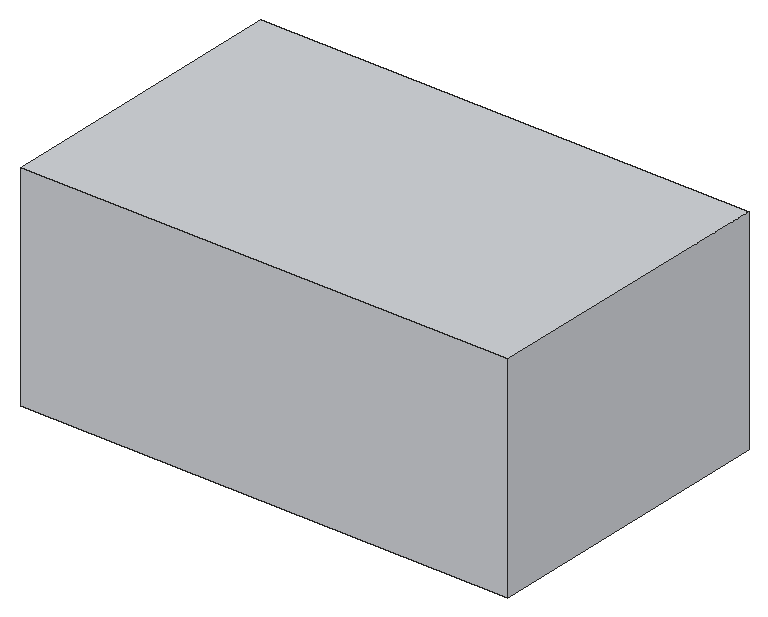
Revit family "953514d2f2d94774bd72b25035992153", category Conduit Fittings, Revit 2021
Family settings
  Round Connector Dimension = Use Radius
  Part Type = Multi Port
  OmniClass Number = 23.80.30.17.11
  OmniClass Title = Conduits
  Work Plane-Based = No
  Always vertical = Yes
  Cut with Voids When Loaded = No
  Shared = No
Parameters (values of type "Single Gang")
  Width [instance] = if(not(Max Nominal Diameter 12345 > 0' 1"), Outside Width, 6 * Max Nominal Diameter 12345)  # 2 13/16"
  Outside Width = 2 13/16"
  Outside Height = 2"
  Nominal Radius 5 [instance] = 1/4"
  Nominal Radius 4 [instance] = 1/4"
  Nominal Radius 3 [instance] = 1/4"
  Nominal Radius 2 [instance] = 1/4"
  Nominal Radius 1 [instance] = 1/4"
  Nominal Diameter 5 [instance] = Nominal Radius 5 * 2  # 1/2"
  Nominal Diameter 4 [instance] = Nominal Radius 4 * 2  # 1/2"
  Nominal Diameter 3 [instance] = Nominal Radius 3 * 2  # 1/2"
  Nominal Diameter 2 [instance] = Nominal Radius 2 * 2  # 1/2"
  Nominal Diameter 1 [instance] = Nominal Radius 1 * 2  # 1/2"
  Max Nominal Diameter 34 [instance] = if(Nominal Diameter 3 > Nominal Diameter 4, Nominal Diameter 3, Nominal Diameter 4)  # 1/2"
  Max Nominal Diameter 12345 [instance] = if(Max Nominal Diameter 1234 > Nominal Diameter 5, Max Nominal Diameter 1234, Nominal Diameter 5)  # 1/2"
  Max Nominal Diameter 1234 [instance] = if(Max Nominal Diameter 12 > Max Nominal Diameter 34, Max Nominal Diameter 12, Max Nominal Diameter 34)  # 1/2"
  Max Nominal Diameter 12 [instance] = if(Nominal Diameter 1 > Nominal Diameter 2, Nominal Diameter 1, Nominal Diameter 2)  # 1/2"
  Length [instance] = if(not(Max Nominal Diameter 12345 > 0' 1"), 0' 4 9/16", 8 * Max Nominal Diameter 12345)  # 4 9/16"
  Height [instance] = if(not(Max Nominal Diameter 12345 > 0' 1"), Outside Height, if(Max Nominal Diameter 12345 < 0' 6", 0' 6", Max Nominal Diameter 12345 * 1.2))  # 2"
  Default Elevation = 0' - 0"
Types (3): name | Width | Outside Width | Outside Height | Height
  (no name) | 2 13/16" | 2 13/16" | 2" | 2"
  Single Gang | 2 13/16" | 2 13/16" | 2" | 2"
  Double Gang | 4 5/8" | 4 5/8" | 2 1/16" | 2 1/16"
Reference planes (in)
  plane 1 "Center (Front/Back)": y = 0
  plane 2: z = 0
  plane 3 "Center (Left/Right)": x = 0
  plane 4: y = 1.40625
  plane 5: y = -1.40625
  plane 6: x = 4.5625
  plane 7: z = -1
  plane 8: z = 1
Forms (in)
  Extrusion 1, solid
    sketch origin (0, 0, 0) x (1, 0, 0) y (0, 1, 0)
      loop
        line (0, 1.40625) -> (0, -1.40625) -> (4.5625, -1.40625) -> (4.5625, 1.40625) -> (0, 1.40625)
    from -1 to 1
Dimensions and locks (in)
  equal spacing: plane 4, plane 1 "Center (Front/Back)", plane 5
  "Width": plane 4 to plane 5
  equal spacing: plane 8, plane 2, plane 7
  locked: level to plane 2
  "Height": plane 8 to plane 7
  "Length": plane 3 "Center (Left/Right)" to plane 6
  aligned and locked: Extrusion 1 sketch curve to plane 4
  aligned and locked: plane 5 to Extrusion 1 sketch curve
  aligned and locked: Extrusion 1 sketch curve to plane 6
  aligned: Extrusion 1 to plane 2
  aligned and locked: Extrusion 1 to plane 7
  aligned and locked: plane 8 to Extrusion 1
  aligned and locked: Extrusion 1 to plane 3 "Center (Left/Right)"
Automatic sketch dimensions
  plane 3 "Center (Left/Right)" to Extrusion 1 sketch curve = 0' - 0"
Connectors (in)
  cabletrayconduit at (0, 0, 0), diameter 0.5, driven by "Nominal Radius 1"
    settings: on Extrusion 1, index 1, connector width 1' - 0", connector height 1' - 0", connector angle 0.00°, system type 32, placement type 0, profile type 0, connector reference index 2, is primary connector yes, connector utility param no, connector description ""
  cabletrayconduit at (4.5625, 0, 0), diameter 0.5, driven by "Nominal Radius 2"
    settings: on Extrusion 1, index 2, connector width 1' - 0", connector height 1' - 0", connector angle 0.00°, system type 32, placement type 0, profile type 0, connector reference index 1, is primary connector no, connector utility param no, connector description ""
  cabletrayconduit at (2.28125, -1.40625, 0), diameter 0.5, driven by "Nominal Radius 3"
    settings: on Extrusion 1, index 3, connector width 1' - 0", connector height 1' - 0", connector angle 0.00°, system type 32, placement type 0, profile type 0, connector reference index 4, is primary connector no, connector utility param no, connector description ""
  cabletrayconduit at (2.28125, 1.40625, 0), diameter 0.5, driven by "Nominal Radius 4"
    settings: on Extrusion 1, index 4, connector width 1' - 0", connector height 1' - 0", connector angle 0.00°, system type 32, placement type 0, profile type 0, connector reference index 3, is primary connector no, connector utility param no, connector description ""
  cabletrayconduit at (2.28125, 0, -1), diameter 0.5, driven by "Nominal Radius 5"
    settings: on Extrusion 1, index 5, connector width 1' - 0", connector height 1' - 0", connector angle 0.00°, system type 32, placement type 0, profile type 0, connector reference index -1, is primary connector no, connector utility param no, connector description ""
